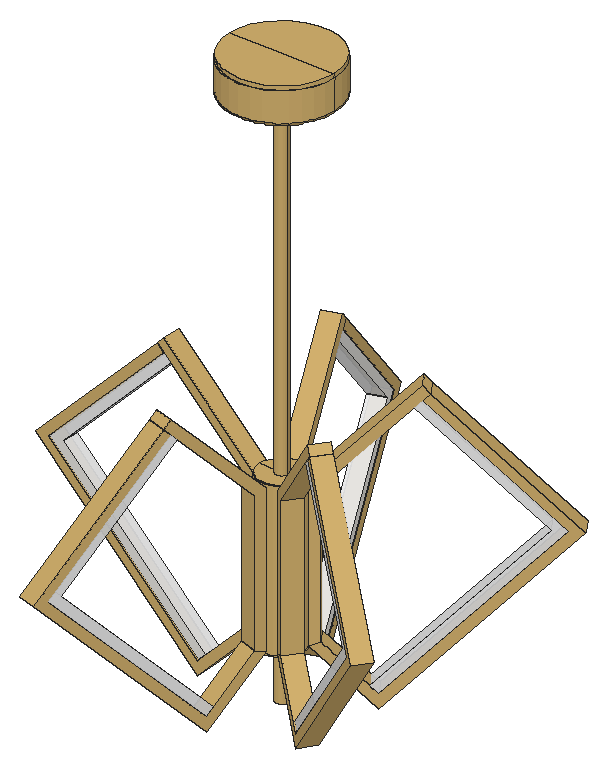
Revit family "3-6143 Acadia Pendant", category Lighting Fixtures, host Ceiling, Revit 2018
Family settings
  Host = Ceiling
  Round Connector Dimension = Use Diameter
  Part Type = Normal
  OmniClass Number = 23.80.70.11
  OmniClass Title = Luminaries for Internal Lighting
  Always vertical = Yes
  Cut with Voids When Loaded = No
  Light Source = Yes
  Shared = No
  Room Calculation Point = No
Parameters (values of type "3-6143-40 / Aged Brass - Matte White Acrylic")
  Wattage Comments = "4 x 15.5 W at 120 V"  # constant formula
  Wattage = 90.85 W
  built-in parameter 1150110 = 1 (stored number, unit not read)
  Voltage Input = "120 V or 277 V - 50/60 Hz"  # constant formula
  Voltage = 120 V
  URL = "www.oxygenlighting.com"
  built-in parameter 1114217 = 1 (stored number, unit not read)
  Tilt Angle = 90.00°  # constant formula
  built-in parameter 1150109 = 1 (stored number, unit not read)
  built-in parameter 1150134 = (empty or 0)
  built-in parameter 1150113 = 1 (stored number, unit not read)
  References = "Ref. 3 = 120 V / Ref. 37 = 277 V"  # constant formula
  Photometric Web File = "3-6143-40 Acadia.ies"
  Model = "3-6143-xx / Acadia Pendant"  # constant formula
  Metal Finish = 40 - Aged Brass
  Manufacturer = "Oxygen - Lighting & Fans"  # constant formula
  Lumens = 3297.85 lm
  built-in parameter 1150115 = 1 (stored number, unit not read)
  built-in parameter 1150105 = 262.43 (stored number, unit not read)
  built-in parameter 1150137 = (empty or 0)
  built-in parameter 1150139 = (empty or 0)
  built-in parameter 1150112 = 1 (stored number, unit not read)
  built-in parameter 1150114 = 1 (stored number, unit not read)
  Lamp = "LED Array"  # constant formula
  built-in parameter 1150132 = (empty or 0)
  built-in parameter 1150102 = (empty or 0)
  built-in parameter 1150138 = (empty or 0)
  built-in parameter 1150107 = 3000 (stored number, unit not read)
  built-in parameter 1150106 = 2.6243 (stored number, unit not read)
  built-in parameter 1150104 = 3.3724 (stored number, unit not read)
  Dimming Lamp Color Temperature Shift = <None>
  Diffusers = Matte White Acrylic
  Color Filter = 16777215
  built-in parameter 1114218 = 1 (stored number, unit not read)
  built-in parameter 1150133 = 10 (stored number, unit not read)
Types (3): name | Metal Finish
  (no name) | 40 - Aged Brass
  3-6143-24 / Satin Nickel - Matte White Acrylic | 24 - Satin Nickel
  3-6143-40 / Aged Brass - Matte White Acrylic | 40 - Aged Brass
Reference planes (in)
  plane 1 "Light Source Axis (F/B)": y = 0
  plane 2 "Ceiling": z = 96
  plane 3 "Light Source Axis (L/R)": x = 0
  plane 4 "Light Source Elevation": z = 59
  plane 5: z = 93.79528
  plane 6: z = 93.59843
Forms (in)
  Extrusion 1, solid, material "40 - Aged Brass" <- "Metal Finish"
    sketch origin (0, 0, 0) x (1, 0, 0) y (0, 1, 0)
      loop
        line (0, 0.62961) -> (-0.05867, 0.59573) -> (-0.12283, 0.61751) -> (-0.17377, 0.57284) -> (-0.24094, 0.58168) -> (-0.28218, 0.52793) -> (-0.34979, 0.5235) -> (-0.37976, 0.46273) -> (-0.4452, 0.4452) -> (-0.46273, 0.37976) -> (-0.5235, 0.34979) -> (-0.52793, 0.28218) -> (-0.58168, 0.24094) -> (-0.57284, 0.17377) -> (-0.61751, 0.12283) -> (-0.59573, 0.05867) -> (-0.62961, 0) -> (-0.59573, -0.05867) -> (-0.61751, -0.12283) -> (-0.57284, -0.17377) -> (-0.58168, -0.24094) -> (-0.52793, -0.28218) -> (-0.5235, -0.34979) -> (-0.46273, -0.37976) -> (-0.4452, -0.4452) -> (-0.37976, -0.46273) -> (-0.34979, -0.5235) -> (-0.28218, -0.52793) -> (-0.24094, -0.58168) -> (-0.17377, -0.57284) -> (-0.12283, -0.61751) -> (-0.05867, -0.59573) -> (0, -0.62961) -> (0.05867, -0.59573) -> (0.12283, -0.61751) -> (0.17377, -0.57284) -> (0.24094, -0.58168) -> (0.28218, -0.52793) -> (0.34979, -0.5235) -> (0.37976, -0.46273) -> (0.4452, -0.4452) -> (0.46273, -0.37976) -> (0.5235, -0.34979) -> (0.52793, -0.28218) -> (0.58168, -0.24094) -> (0.57284, -0.17377) -> (0.61751, -0.12283) -> (0.59573, -0.05867) -> (0.62961, 0) -> (0.59573, 0.05867) -> (0.61751, 0.12283) -> (0.57284, 0.17377) -> (0.58168, 0.24094) -> (0.52793, 0.28218) -> (0.5235, 0.34979) -> (0.46273, 0.37976) -> (0.4452, 0.4452) -> (0.37976, 0.46273) -> (0.34979, 0.5235) -> (0.28218, 0.52793) -> (0.24094, 0.58168) -> (0.17377, 0.57284) -> (0.12283, 0.61751) -> (0.05867, 0.59573) -> (0, 0.62961)
    from 93.59843 to 93.79528
  Revolve 2, solid, material "40 - Aged Brass" <- "Metal Finish"
    sketch origin (0, 0, 0) x (1, 0, 0) y (0, 0, 1)
      loop
        line (0, 96) -> (0, 93.79528) -> (3.22835, 93.79528)
        arc (3.22835, 93.79528) -> (3.31186, 93.82987) -> (3.34646, 93.91339) r 0.11811
        line (3.34646, 93.91339) -> (3.34646, 95.76378) -> (3.2874, 95.76378) -> (3.2874, 96) -> (0, 96)
      loop
        line (0, 93.59843) -> (0, 92.85039) -> (0.37402, 92.85039) -> (0.37402, 92.92913) -> (0.20669, 92.92913) -> (0.20669, 92.98819)
        arc (0.20669, 92.98819) -> (0.25783, 93.03293) -> (0.29948, 93.08661) r 0.35433
        line (0.29948, 93.08661) -> (0.43307, 93.08661) -> (0.43307, 93.51969) -> (0.47244, 93.55906) -> (0.47244, 93.59843) -> (0, 93.59843)
      axis (0, 96) -> (0, 92.85039)
    angle from 0 to 360
  Revolve 3, solid, material "40 - Aged Brass" <- "Metal Finish"
    sketch origin (0, 0, 0) x (1, 0, 0) y (0, 0, 1)
      loop
        line (0, 92.85039) -> (0, 72.3566) -> (1.37795, 72.3566) -> (1.37795, 72.43534) -> (0.37402, 72.43534) -> (0.37402, 92.77165) -> (0.37402, 92.85039) -> (0, 92.85039)
      axis (0, 92.85039) -> (0, 72.3566)
    angle from 0 to 360
  Revolve 4, solid, material "40 - Aged Brass" <- "Metal Finish"
    sketch origin (0, 0, 0) x (1, 0, 0) y (0, 0, 1)
      loop
        line (-1.35827, 72.3566) -> (-1.35827, 62.82904) -> (0, 62.82904) -> (0, 72.3566) -> (-1.35827, 72.3566)
      axis (0, 72.3566) -> (0, 62.82904)
    angle from 0 to 360
  Revolve 5, solid, material "40 - Aged Brass" <- "Metal Finish"
    sketch origin (0, 0, 0) x (1, 0, 0) y (0, 0, 1)
      loop
        line (-1.37795, 62.82904) -> (-1.37795, 62.7503) -> (-0.37402, 62.7503) -> (-0.37402, 59.56133) -> (0, 59.56133) -> (0, 62.82904) -> (-1.37795, 62.82904)
      axis (0, 62.82904) -> (0, 59.56133)
    angle from 0 to 360
Dimensions and locks (in)
  equal spacing: host sketch curve, plane 3 "Light Source Axis (L/R)", host sketch curve
  equal spacing: host sketch curve, plane 1 "Light Source Axis (F/B)", host sketch curve
  host sketch curve to host sketch curve = 120.00"  (x2)
  locked: plane 2 "Ceiling" to plane 4 "Light Source Elevation" at 37
  locked: plane 5 to plane 6 at 0.19685
  locked: plane 2 "Ceiling" to plane 5 at 2.20472
  aligned and locked: plane 3 "Light Source Axis (L/R)" to imposter light
  aligned and locked: plane 1 "Light Source Axis (F/B)" to imposter light
  aligned and locked: plane 4 "Light Source Elevation" to imposter light
  aligned and locked: Extrusion 1 to plane 5
  aligned and locked: plane 6 to Extrusion 1
  aligned and locked: Revolve 2 sketch curve to plane 3 "Light Source Axis (L/R)"
  aligned and locked: Revolve 3 sketch curve to plane 3 "Light Source Axis (L/R)"
  aligned and locked: Revolve 4 sketch curve to imposter light
  aligned and locked: Revolve 5 sketch curve to imposter light
Nested families (in)
  nested 1: "Diffuser" at (0.37402, 0, 77.78184), type "Diffuser"
  nested 2: "Diffuser" at (0.11558, -0.35571, 77.78184) x (0.309, -0.9511, 0) z (0, 0, 1), type "Diffuser"
  nested 3: "Diffuser" at (-0.30259, -0.21984, 77.78184) x (-0.809, -0.5878, 0) z (0, 0, 1), type "Diffuser"
  nested 4: "Diffuser" at (-0.30259, 0.21984, 77.78184) x (-0.809, 0.5878, 0) z (0, 0, 1), type "Diffuser"
  nested 5: "Diffuser" at (0.11558, 0.35571, 77.78184) x (0.309, 0.9511, 0) z (0, 0, 1), type "Diffuser"
Connectors (in)
  electrical at (0, 0, 96), driven by "Voltage"
    settings: on Revolve 2, index 1, voltage 120 V, apparent load 0 VA, apparent load phase1 0 VA, apparent load phase2 0 VA, apparent load phase3 0 VA, power factor 1, load classification "Other", number of poles 1, system type 31, power factor state 1, is connector primary yes, connector utility no, sub classification motor no, connector description ""
Definition of nested family "Diffuser"
  Parameters (values of type "Diffuser")
    Metal Finish = none
    Diffuser = none
  Reference planes (in)
    plane 1 "Center (Front/Back)": y = 0
    plane 2: z = 0
    plane 3 "Center (Left/Right)": x = 0
  Forms (in)
    Extrusion 1, solid, material <- "Metal Finish"
      sketch origin (0, 0, 0) x (1, 0, 0) y (0, 0, 1)
        loop
          line (-15.35433, -8.04543) -> (-5.16531, -18.23445) -> (-1.73228, -14.80142) -> (-2.32283, -14.5568) -> (-5.16531, -17.39928) -> (-14.51917, -8.04543) -> (-7.3089, -0.83517) -> (-7.72649, -0.41758) -> (-15.35433, -8.04543)
      from 0.59 to -0.59
    Extrusion 2, solid, material <- "Metal Finish"
      sketch origin (0, 0, 0) x (1, 0, 0) y (0, 0, 1)
        loop
          line (-7.72649, -0.41758) -> (-2.32283, -5.82123) -> (-2.32283, -14.5568) -> (-1.73228, -14.80142) -> (-1.73228, -5.57662) -> (-7.3089, 0) -> (-7.72649, -0.41758)
      from 0.59 to -0.59
    Extrusion 3, solid, material <- "Diffuser"
      sketch origin (0, 0, 0) x (1, 0, 0) y (0, 0, 1)
        loop
          line (-13.65616, -8.04543) -> (-6.8774, -1.26667) -> (-7.3089, -0.83517) -> (-14.51917, -8.04543) -> (-5.16531, -17.39928) -> (-4.73381, -16.96778) -> (-13.65616, -8.04543)
      from 0.55 to -0.55
  Dimensions and locks (in)
    aligned and locked: plane 2 to level
